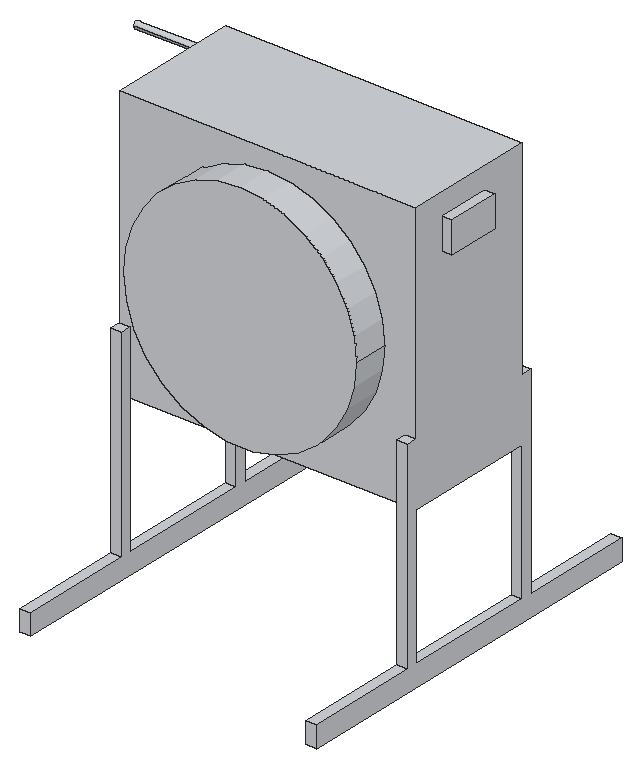
Revit family "b92f91bae47441568eded7b91bf2f4c7", category Mechanical Equipment, Revit 2021
Family settings
  Round Connector Dimension = Use Radius
  Part Type = Normal
  OmniClass Number = 23.75.10.24.21.11.11
  OmniClass Title = Packaged Refrigerant Condensing Coils and Fan Units
  Seek Item ID = Condenser - Air Cooled - Horizontal - 17-265 MBH-0000-USA-ENU
  Work Plane-Based = No
  Always vertical = Yes
  Cut with Voids When Loaded = No
  Shared = No
  Room Calculation Point = No
Parameters (values of type "17 MBH")
  Voltage = 460 V
  Visibility = no
  Radius 1 = Diameter 1 / 2  # 0' - 11"
  Overall Height = 3' - 4 5/8"
  Outlet Radius = 5/16"
  Outlet Diameter = Outlet Radius * 2  # 5/8"
  Number of Poles = 3
  Load Classification = Cooling
  Length 1 = 0' - 0"
  Leg Width = 3' - 0"
  Leg Height = 1' - 9"
  Inlet Radius = 5/16"
  Inlet Diameter = Inlet Radius * 2  # 5/8"
  Half Length 1 = Length 1 / 2  # 0' - 0"
  Diameter 1 = 1' - 10"
  Default Elevation = 0' - 0"
  Condenser Width = 1' - 0 1/2"
  Condenser Material = none
  Condenser Length = 2' - 4"
  Condenser Height = 2' - 1 5/8"
  C2 Offset 2 = 1' - 4 1/4"
  C2 Offset 1 = 0' - 1"
  C1 Offset 2 = 3' - 4"
  C1 Offset 1 = 0' - 3"
  Apparent Load [instance] = 598 VA
Types (12): name | Visibility | Radius 1 | Overall Height | Outlet Radius | Outlet Diameter | Length 1 | Leg Width | Leg Height | Inlet Radius | Inlet Diameter | Half Length 1 | Diameter 1 | Condenser Width | Condenser Length | Condenser Height | C2 Offset 2 | C2 Offset 1 | C1 Offset 2 | C1 Offset 1 | Apparent Load
  (no name) | no | 0' - 11" | 3' - 4 5/8" | 5/16" | 5/8" | 0' - 0" | 3' - 0" | 1' - 9" | 5/16" | 5/8" | 0' - 0" | 1' - 10" | 1' - 0 1/2" | 2' - 4" | 2' - 1 5/8" | 1' - 4 1/4" | 0' - 1" | 3' - 4" | 0' - 3" | 598 VA
  17 MBH | no | 0' - 11" | 3' - 4 5/8" | 5/16" | 5/8" | 0' - 0" | 3' - 0" | 1' - 9" | 5/16" | 5/8" | 0' - 0" | 1' - 10" | 1' - 0 1/2" | 2' - 4" | 2' - 1 5/8" | 1' - 4 1/4" | 0' - 1" | 3' - 4" | 0' - 3" | 598 VA
  29 MBH | no | 0' - 11" | 3' - 4 5/8" | 5/16" | 5/8" | 0' - 0" | 3' - 0" | 1' - 9" | 7/16" | 7/8" | 0' - 0" | 1' - 10" | 1' - 0 1/2" | 2' - 4" | 2' - 1 5/8" | 1' - 4 1/4" | 0' - 1" | 3' - 4" | 0' - 3" | 598 VA
  46 MBH | no | 0' - 11" | 3' - 9 5/8" | 5/16" | 5/8" | 0' - 0" | 3' - 0" | 1' - 9" | 7/16" | 7/8" | 0' - 0" | 1' - 10" | 1' - 2 1/2" | 2' - 9" | 2' - 6 5/8" | 1' - 4 1/4" | 0' - 1" | 3' - 9" | 0' - 3" | 598 VA
  61 MBH | no | 0' - 11" | 3' - 9 5/8" | 5/16" | 5/8" | 0' - 0" | 3' - 0" | 1' - 9" | 7/16" | 7/8" | 0' - 0" | 1' - 10" | 1' - 2 1/2" | 2' - 9" | 2' - 6 5/8" | 1' - 4 1/4" | 0' - 1" | 3' - 9" | 0' - 3" | 598 VA
  92 MBH | no | 0' - 11" | 3' - 9 5/8" | 7/16" | 7/8" | 2' - 7 1/2" | 3' - 0" | 1' - 9" | 9/16" | 1 1/8" | 1' - 3 3/4" | 1' - 10" | 1' - 2 1/2" | 5' - 3" | 2' - 6 5/8" | 1' - 4 3/4" | 0' - 1" | 3' - 1 3/8" | 0' - 3" | 2116 VA
  121 MBH | no | 0' - 11" | 3' - 9 5/8" | 9/16" | 1 1/8" | 2' - 7 1/2" | 3' - 0" | 1' - 9" | 11/16" | 1 3/8" | 1' - 3 3/4" | 1' - 10" | 1' - 2 1/2" | 5' - 3" | 2' - 6 5/8" | 1' - 4 7/8" | 0' - 1" | 3' - 8 1/8" | 0' - 3" | 2116 VA
  139 MBH | no | 0' - 11" | 3' - 9 5/8" | 9/16" | 1 1/8" | 2' - 7 1/2" | 3' - 0" | 1' - 9" | 11/16" | 1 3/8" | 1' - 3 3/4" | 1' - 10" | 1' - 3 3/4" | 5' - 3" | 2' - 6 5/8" | 1' - 4 7/8" | 0' - 1" | 3' - 5" | 0' - 3" | 2116 VA
  181 MBH | yes | 1' - 4" | 5' - 7" | 9/16" | 1 1/8" | 4' - 1 1/8" | 4' - 0" | 3' - 7" | 11/16" | 1 3/8" | 2' - 0 9/16" | 2' - 8" | 1' - 9 1/4" | 8' - 2 1/4" | 4' - 0" | 3' - 7 1/2" | 0' - 7 1/4" | 5' - 2 1/2" | 0' - 2 3/4" | 6808 VA
  202 MBH | yes | 1' - 4" | 5' - 7" | 9/16" | 1 1/8" | 4' - 1 1/8" | 4' - 0" | 3' - 7" | 11/16" | 1 3/8" | 2' - 0 9/16" | 2' - 8" | 1' - 9 1/4" | 8' - 2 1/4" | 4' - 0" | 3' - 7 1/2" | 0' - 7 1/4" | 5' - 2 1/2" | 0' - 2 3/4" | 6808 VA
  242 MBH | yes | 1' - 4" | 5' - 7" | 11/16" | 1 3/8" | 4' - 1 1/8" | 4' - 0" | 3' - 7" | 13/16" | 1 5/8" | 2' - 0 9/16" | 2' - 8" | 1' - 9 1/4" | 8' - 2 1/4" | 4' - 0" | 3' - 7 1/2" | 0' - 7 1/4" | 5' - 2 1/2" | 0' - 2 3/4" | 6808 VA
  265 MBH | yes | 1' - 4" | 5' - 7" | 11/16" | 1 3/8" | 4' - 1 1/8" | 4' - 0" | 3' - 7" | 13/16" | 1 5/8" | 2' - 0 9/16" | 2' - 8" | 1' - 9 1/4" | 8' - 2 1/4" | 4' - 0" | 3' - 7 1/2" | 0' - 7 1/4" | 5' - 2 1/2" | 0' - 2 3/4" | 6808 VA
Reference planes (in)
  plane 1 "Center (Front/Back)": y = 0
  plane 2: z = 0
  plane 3 "Center (Left/Right)": x = 0
  plane 4: x = 1
  plane 5: z = 2
  plane 6: y = 36
  plane 7: x = 28
  plane 8: x = 14
  plane 9: x = 27
  plane 10: x = 13.5
  plane 11: x = 14.5
  plane 12: y = 18
  plane 13: y = 24.25
  plane 14: y = 11.75
  plane 15: y = 25.25
  plane 16: y = 10.75
  plane 17: z = 21
  plane 18: z = 40.625
  plane 19: z = 15
  plane 20: x = 14
  plane 21: x = 14
  plane 22: z = 27.8125
  plane 23: y = 8.5
  plane 24: z = 40
  plane 25: y = 21.25
  plane 26: x = -6
  plane 27: z = 16.25
  plane 28: y = 23.25
  plane 29: z = 38.625
  plane 30: z = 35.625
  plane 31: y = 14.75
  plane 32: y = 19.75
  plane 33: x = 29
Forms (in)
  Extrusion 1, solid, material <- "Condenser Material"
    sketch origin (0, 0, 0) x (1, 0, 0) y (0, 0, 1)
      loop
        line (0, 2) -> (0, 0) -> (1, 0) -> (1, 2) -> (0, 2)
    from 0 to -36
  Extrusion 2, solid, material <- "Condenser Material"
    sketch origin (0, 0, 0) x (1, 0, 0) y (0, 0, 1)
      loop
        line (27, 2) -> (27, 0) -> (28, 0) -> (28, 2) -> (27, 2)
    from 0 to -36
  Extrusion 3, solid, material <- "Condenser Material", visible <- "Visibility"
    sketch origin (0, 0, 0) x (1, 0, 0) y (0, 0, 1)
      loop
        line (13.5, 2) -> (13.5, 0) -> (14.5, 0) -> (14.5, 2) -> (13.5, 2)
    from 0 to -36
  Extrusion 4, solid, material <- "Condenser Material"
    sketch origin (0, 0, 0) x (1, 0, 0) y (0, 0, 1)
      loop
        line (0, 21) -> (0, 0) -> (1, 0) -> (1, 21) -> (0, 21)
    from -10.75 to -11.75
  Extrusion 5, solid, material <- "Condenser Material"
    sketch origin (0, 0, 0) x (1, 0, 0) y (0, 0, 1)
      loop
        line (0, 21) -> (0, 0) -> (1, 0) -> (1, 21) -> (0, 21)
    from -25.25 to -24.25
  Extrusion 6, solid, material <- "Condenser Material", visible <- "Visibility"
    sketch origin (0, 0, 0) x (1, 0, 0) y (0, 0, 1)
      loop
        line (13.5, 21) -> (13.5, 0) -> (14.5, 0) -> (14.5, 21) -> (13.5, 21)
    from -11.75 to -10.75
  Extrusion 7, solid, material <- "Condenser Material", visible <- "Visibility"
    sketch origin (0, 0, 0) x (1, 0, 0) y (0, 0, 1)
      loop
        line (13.5, 21) -> (13.5, 0) -> (14.5, 0) -> (14.5, 21) -> (13.5, 21)
    from -24.25 to -25.25
  Extrusion 8, solid, material <- "Condenser Material"
    sketch origin (0, 0, 0) x (1, 0, 0) y (0, 0, 1)
      loop
        line (27, 21) -> (27, 0) -> (28, 0) -> (28, 21) -> (27, 21)
    from -11.75 to -10.75
  Extrusion 9, solid, material <- "Condenser Material"
    sketch origin (0, 0, 0) x (1, 0, 0) y (0, 0, 1)
      loop
        line (27, 21) -> (27, 0) -> (28, 0) -> (28, 21) -> (27, 21)
    from -25.25 to -24.25
  Extrusion 10, solid, material <- "Condenser Material"
    sketch origin (0, 0, 0) x (1, 0, 0) y (0, 0, 1)
      loop
        line (0, 40.625) -> (0, 15) -> (28, 15) -> (28, 40.625) -> (0, 40.625)
    from -11.75 to -24.25
  Extrusion 11, solid, material <- "Condenser Material"
    sketch origin (0, 0, 0) x (1, 0, 0) y (0, 0, 1)
      loop
        circle (14, 27.8125) r 11
    from -11.75 to -8.5
  Extrusion 12, solid, material <- "Condenser Material"
    sketch origin (0, 0, 0) x (1, 0, 0) y (0, 0, 1)
      loop
        circle (14, 27.8125) r 11
    from -11.75 to -8.5
  Extrusion 13, solid, material <- "Condenser Material"
    sketch origin (0, 0, 0) x (0, 1, 0) y (0, 0, 1)
      loop
        circle (21.25, 40) r 0.3125
    from 0 to -6
  Extrusion 14, solid, material <- "Condenser Material"
    sketch origin (0, 0, 0) x (0, 1, 0) y (0, 0, 1)
      loop
        circle (23.25, 16.25) r 0.3125
    from 0 to -6
  Extrusion 15, solid, material <- "Condenser Material"
    sketch origin (0, 0, 0) x (0, 1, 0) y (0, 0, 1)
      loop
        line (14.75, 38.625) -> (14.75, 35.625) -> (19.75, 35.625) -> (19.75, 38.625) -> (14.75, 38.625)
    from 28 to 29
Cuts and joins
  joined: Extrusion 3, Extrusion 6, Extrusion 7
  joined: Extrusion 1, Extrusion 2, Extrusion 4, Extrusion 5, Extrusion 8, Extrusion 9, Extrusion 10, Extrusion 13, Extrusion 14, Extrusion 15
  joined: Extrusion 11, Extrusion 12
Dimensions and locks (in)
  locked: plane 4 to plane 3 "Center (Left/Right)" at 1
  locked: plane 5 to plane 2 at 2
  "Leg Width": plane 6 to plane 1 "Center (Front/Back)"
  "Condenser Length": plane 7 to plane 3 "Center (Left/Right)"
  equal spacing: plane 7, plane 8, plane 3 "Center (Left/Right)"
  locked: plane 7 to plane 9 at 1
  locked: plane 10 to plane 8 at 0.5
  locked: plane 8 to plane 11 at 0.5
  equal spacing: plane 6, plane 12, plane 1 "Center (Front/Back)"
  equal spacing: plane 13, plane 12, plane 14
  "Condenser Width": plane 13 to plane 14
  locked: plane 15 to plane 13 at 1
  locked: plane 14 to plane 16 at 1
  "Leg Height": plane 17 to plane 2
  "Overall Height": plane 18 to plane 2
  "Condenser Height": plane 18 to plane 19
  "Half Length 1": plane 8 to plane 20
  "Half Length 1": plane 21 to plane 8
  equal spacing: plane 18, plane 22, plane 19
  locked: plane 14 to plane 23 at 3.25
  "C1 Offset 2": plane 24 to plane 2
  "C1 Offset 1": plane 13 to plane 25
  locked: plane 3 "Center (Left/Right)" to plane 26 at 6
  "C2 Offset 2": plane 27 to plane 2
  "C2 Offset 1": plane 13 to plane 28
  locked: plane 18 to plane 29 at 2
  locked: plane 29 to plane 30 at 3
  locked: plane 14 to plane 31 at 3
  locked: plane 31 to plane 32 at 5
  locked: plane 33 to plane 7 at 1
  "Radius 1": radius of Extrusion 11 sketch curve
  "Radius 1": radius of Extrusion 12 sketch curve
  "Inlet Radius": radius of Extrusion 13 sketch curve
  "Outlet Radius": radius of Extrusion 14 sketch curve
  aligned and locked: plane 3 "Center (Left/Right)" to Extrusion 1 sketch curve
  aligned and locked: Extrusion 1 sketch curve to plane 5
  aligned and locked: plane 2 to Extrusion 1 sketch curve
  aligned and locked: Extrusion 1 sketch curve to plane 4
  aligned and locked: Extrusion 1 to plane 6
  aligned and locked: plane 1 "Center (Front/Back)" to Extrusion 1
  aligned and locked: plane 9 to Extrusion 2 sketch curve
  aligned and locked: Extrusion 2 sketch curve to plane 5
  aligned and locked: plane 2 to Extrusion 2 sketch curve
  aligned and locked: Extrusion 2 sketch curve to plane 7
  aligned and locked: Extrusion 2 to Extrusion 1
  aligned and locked: plane 1 "Center (Front/Back)" to Extrusion 2
  aligned and locked: plane 10 to Extrusion 3 sketch curve
  aligned and locked: Extrusion 3 sketch curve to plane 5
  aligned and locked: plane 2 to Extrusion 3 sketch curve
  aligned and locked: Extrusion 3 sketch curve to plane 11
  aligned and locked: Extrusion 3 to Extrusion 1
  aligned and locked: plane 1 "Center (Front/Back)" to Extrusion 3
  aligned and locked: plane 3 "Center (Left/Right)" to Extrusion 4 sketch curve
  aligned and locked: Extrusion 4 sketch curve to plane 17
  aligned and locked: Extrusion 1 to Extrusion 4 sketch curve
  aligned and locked: Extrusion 4 sketch curve to Extrusion 1
  aligned and locked: Extrusion 4 to plane 14
  aligned and locked: plane 16 to Extrusion 4
  aligned and locked: Extrusion 5 sketch curve to Extrusion 4  (x3)
  aligned and locked: Extrusion 1 to Extrusion 5 sketch curve
  aligned and locked: Extrusion 5 to plane 15
  aligned and locked: plane 13 to Extrusion 5
  aligned and locked: plane 10 to Extrusion 6 sketch curve
  aligned and locked: Extrusion 6 sketch curve to plane 17
  aligned and locked: Extrusion 3 to Extrusion 6 sketch curve
  aligned and locked: Extrusion 6 sketch curve to Extrusion 3
  aligned and locked: Extrusion 6 to plane 14
  aligned and locked: plane 16 to Extrusion 6
  aligned and locked: Extrusion 7 sketch curve to Extrusion 6  (x3)
  aligned and locked: Extrusion 3 to Extrusion 7 sketch curve
  aligned and locked: Extrusion 7 to plane 13
  aligned and locked: Extrusion 7 to plane 15
  aligned and locked: plane 9 to Extrusion 8 sketch curve
  aligned and locked: Extrusion 8 sketch curve to plane 17
  aligned and locked: Extrusion 2 to Extrusion 8 sketch curve
  aligned and locked: Extrusion 8 sketch curve to Extrusion 2
  aligned and locked: Extrusion 8 to plane 14
  aligned and locked: plane 16 to Extrusion 8
  aligned and locked: Extrusion 9 sketch curve to Extrusion 8  (x3)
  aligned and locked: Extrusion 9 sketch curve to Extrusion 2
  aligned and locked: Extrusion 9 to plane 15
  aligned and locked: plane 13 to Extrusion 9
  aligned and locked: plane 3 "Center (Left/Right)" to Extrusion 10 sketch curve
  aligned and locked: Extrusion 10 sketch curve to plane 18
  aligned and locked: plane 19 to Extrusion 10 sketch curve
  aligned and locked: Extrusion 10 sketch curve to plane 7
  aligned and locked: Extrusion 10 to plane 13
  aligned and locked: plane 14 to Extrusion 10
  aligned and locked: plane 20 to Extrusion 11 sketch curve
  aligned and locked: plane 22 to Extrusion 11 sketch curve
  aligned and locked: Extrusion 11 to plane 14
  aligned and locked: plane 23 to Extrusion 11
  aligned and locked: plane 21 to Extrusion 12 sketch curve
  aligned and locked: plane 22 to Extrusion 12 sketch curve
  aligned and locked: Extrusion 12 to plane 14
  aligned and locked: Extrusion 12 to Extrusion 11
  aligned and locked: plane 25 to Extrusion 13 sketch curve
  aligned and locked: plane 24 to Extrusion 13 sketch curve
  aligned and locked: Extrusion 13 to plane 26
  aligned and locked: plane 3 "Center (Left/Right)" to Extrusion 13
  aligned and locked: plane 28 to Extrusion 14 sketch curve
  aligned and locked: plane 27 to Extrusion 14 sketch curve
  aligned and locked: Extrusion 13 to Extrusion 14
  aligned and locked: plane 3 "Center (Left/Right)" to Extrusion 14
  aligned and locked: plane 31 to Extrusion 15 sketch curve
  aligned and locked: Extrusion 15 sketch curve to plane 29
  aligned and locked: plane 30 to Extrusion 15 sketch curve
  aligned and locked: Extrusion 15 sketch curve to plane 32
  aligned and locked: plane 33 to Extrusion 15
  aligned and locked: Extrusion 15 to plane 7
Connectors (in)
  piping at (-6, 23.25, 16.25), diameter 0.625, driven by "Outlet Radius"
    settings: on Extrusion 14, index 1, connector inside diameter 5/8", connector length 0' - 0", flow factor 0, pipe flow 0 GPM, pressure drop 0.00 psi, fitting loss kfactor 0, connector angle 0.00°, fixture units 0, engagement length 0' - 0", angle of deflection 0.00°, flow configuration 0, flow direction 2, fitting loss method 0, system type 22, joint type 0, gender type 0, connector reference index 2, connector utility 0, adjustable connector no, is connector primary yes, connector description "Cryogen Out"
  piping at (-6, 21.25, 40), diameter 0.625, driven by "Inlet Radius"
    settings: on Extrusion 13, index 2, connector inside diameter 5/8", connector length 0' - 0", flow factor 0, pipe flow 0 GPM, pressure drop 0.00 psi, fitting loss kfactor 0, connector angle 0.00°, fixture units 0, engagement length 0' - 0", angle of deflection 0.00°, flow configuration 0, flow direction 1, fitting loss method 0, system type 22, joint type 0, gender type 0, connector reference index 1, connector utility 0, adjustable connector no, is connector primary no, connector description "Cryogen In"
  electrical at (28.5, 17.25, 35.625), driven by "Number of Poles", driven by "Apparent Load", driven by "Voltage", driven by "Load Classification"
    settings: on Extrusion 15, index 3, voltage 460 V, apparent load 598 VA, apparent load phase1 0 VA, apparent load phase2 0 VA, apparent load phase3 0 VA, power factor 0.8, load classification "Cooling", number of poles 3, system type 30, power factor state 1, is connector primary yes, connector utility no, sub classification motor no, connector description ""
